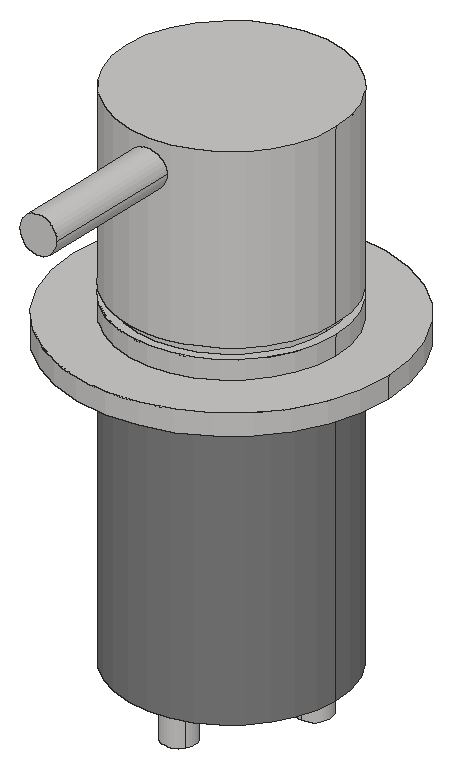
Revit family "500", category Generic Models, Revit 2021
Family settings
  Can host rebar = No
  Round Connector Dimension = Use Diameter
  Part Type = Normal
  Work Plane-Based = No
  Always vertical = Yes
  Cut with Voids When Loaded = No
  Shared = No
  Room Calculation Point = No
Parameters (values of type "Standard")
  e-mail = "info@vola.com"
  URL = "http://vola.com"
  Telephone = "+45 7023 5500"
  Quality management standard = "ISO 9001"
  Organisation no. / DUNS no. = "17531328"
  Occupational health and safety management standard = "ISO 18001"
  Mounting Instructions = "http://vola.com/service/producturl.ashx?name=500"
  Model = "500"
  Materials and components information = "http://vola.com/service/producturl.ashx?name=500"
  Manufacturer = "VOLA A/S"
  Maintenance Instructions = "http://vola.com/service/producturl.ashx?name=500"
  Guarantee = "2 years"
  Flow = "14,50 l/min"
  Environmental management standard = "ISO 14000"
  Default Elevation = 0.0000 mm
  Connection - All relevant connections = "10mm flexible hose"
  Approvals = "http://vola.com/service/producturl.ashx?name=500"
Reference planes
  plane 1 "Center (Front/Back)": y = 0
  plane 2: z = 0
  plane 3 "Center (Left/Right)": x = 0
Forms (mm)
  Extrusion 1, solid, material "Stainless Steel"
    sketch origin (0, 0, 0) x (1, 0, 0) y (0, 1, 0)
      loop
        circle (0, 0) r 30
    from 0 to 4
  Extrusion 2, solid, material "Stainless Steel"
    sketch origin (0, 0, 7.5) x (1, 0, 0) y (0, 1, 0)
      loop
        circle (0, 0) r 18.25
    from 0 to 2
  Extrusion 3, solid, material "Stainless Steel"
    sketch origin (0, 0, 9.5) x (1, 0, 0) y (0, 1, 0)
      loop
        circle (0, 0) r 20
    from 0 to 33.5
  Extrusion 4, solid, material "Stainless Steel"
    sketch origin (0, 0, 3.25) x (1, 0, 0) y (0, 0, 1)
      loop
        circle (0, 34.5) r 3.5
    from 0 to 46
  Extrusion 5, solid, material "Default"
    sketch origin (0, 0, 0) x (0, 1, 0) y (1, 0, 0)
      loop
        circle (0, 0) r 20
    from 0 to 55
  Extrusion 6, solid, material "Stainless Steel"
    sketch origin (0, 0, -55) x (0, 1, 0) y (1, 0, 0)
      loop
        circle (6.25, 10.825) r 3
      loop
        circle (6.25, -10.825) r 3
      loop
        circle (-12.5, 0) r 3
    from 0 to 8
  Extrusion 7, solid, material "Stainless Steel"
    sketch origin (0, 0, 4) x (1, 0, 0) y (0, 1, 0)
      loop
        circle (0, 0) r 20
    from 0 to 3.5
Cuts and joins
  joined: Extrusion 3, Extrusion 4
Lines and regions (mm)
  model lines
    curve 1: line (6.05, -19.063, 43) -> (6.05, 19.063, 43)
    curve 2: line (-6.05, -19.063, 43) -> (-6.05, 19.063, 43)
  reference lines
    curve 3: line (-10.825, 6.25, -55) -> (-10.825, 6.25, -80)
    curve 4: line (10.825, 6.25, -55) -> (10.825, 6.25, -80)
Dimensions and locks
  aligned and locked: plane 2 to level
